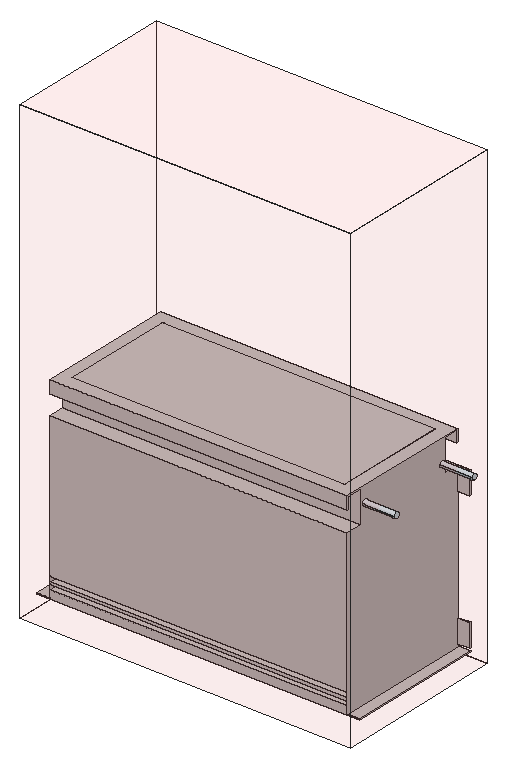
Revit family "Air-Curtain_Vestibule-Except_PoweredAire_ETA-HWST", category Mechanical Equipment, host Face, Revit 2018
Family settings
  Host = Face
  Round Connector Dimension = Use Diameter
  Part Type = Normal
  OmniClass Number = 23.75.35.17.21
  OmniClass Title = Air Curtains
  Cut with Voids When Loaded = No
  Shared = No
  Room Calculation Point = No
Parameters
  upperrotation [instance] = if(Upper Pipe Connection Side A, 0.00°, 180.00°)  # 0.00°
  lowerrotation [instance] = if(Lower Pipe Connection Side A, 0.00°, 180.00°)  # 0.00°
  locateupperpipe [instance] = if(Upper Pipe Connection Side A, 0' 0", Nozzle Width)  # 0' - 0"
  locatelowerpipe [instance] = if(Lower Pipe Connection Side A, 0' 0", Nozzle Width)  # 0' - 0"
  Warranty Duration (Years) = 0
  Upper Pipe Connection Side A [instance] = yes
  Unit Width Notes = "Other Widths available."  # constant formula
  Unit Width = 3' - 3"
  Unit Weight = 0
  Unit Height = 1' - 4 3/4"
  Unit Depth [instance] = if(Include Filters, 2' 1 7/8", 1' 11 3/4")  # 1' - 11 3/4"
  URL = "http://www.poweredaire.com/"
  Test Data = ""
  Standards Conformance = "as Specified"
  Specification = "http://www.arcat.com/sdspecs/htm04/23_34_33pai.htm"
  SpecWizard = ""
  Sound Pressure = "as Specified"
  Sales Information = "http://www.poweredaire.com/contact_us"
  Revision = "R1_2016-08"
  Projection from Host [instance] = 0' - 2"
  Product Properties = ""
  Product Data = "http://www.arcat.com/arcatcos/cos47/arc47623.html"
  Power Rating = 0 W
  Piping_Water Flow [instance] = 0 GPM
  Piping_Operating Pressure [instance] = 0.00 psi
  Piping_Exit Temperature [instance] = 0 °F
  Piping_Entry Temperature [instance] = 0 °F
  Pipe OD [instance] = 5/8"
  Nozzle Width = if(1 = 1, Unit Width - 0' 3", 0' 0")  # 3' - 0"
  Mounting Width = if(1 = 1, Unit Width - 0' 1 1/2", 0' 0")  # 3' - 1 1/2"
  Mounting Height [instance] = 3' - 6"
  Motor RPM = 0
  Motor HP = 0
  Motor Count = 0
  Model = "As Specified"
  Max Height = 0' - 0"
  Manufacturer Website = "http://www.poweredaire.com/"
  Manufacturer Phone - Toll Free = "888-321-2473"
  Manufacturer Phone = "724-588-3305"
  Manufacturer Fax = "724-588-3371"
  Manufacturer Address = "109 Mortensen Rd.  Greenville, PA 16125"
  Manufacturer = "Powered Aire, Inc"
  Maintenance Schedule (Months) = 0
  Lower Pipe Connection Side A [instance] = yes
  Keynote = "23 34 33"
  Installation-Fabrication = ""
  Installation Phase = ""
  Include Filters [instance] = no
  Include Clearance [instance] = yes
  Heating Element Load = 0 W
  HVAC_Temperature Rise = 0 °F
  HVAC_Outlet Volume = 0 CFM
  HVAC_Outlet Velocity Uniformity = 0
  HVAC_Outlet Velocity = 0 FPM
  HVAC_BTU Input = 0.0 Btu/h
  Green Building-LEED = "http://www.arcat.com/green/clients/leed_data_47623.html"
  Front Grating Material [instance] = Metal - Steel - PoweredAire - Stainless 304 Perforated
  Frame Finish [instance] = Metal - Steel - PoweredAire - Stainless 304
  Expected Lifespan (Years) = 0
  Electrical_Wattage [instance] = Power Rating + Heating Element Load  # 0 W
  Electrical_Voltage [instance] = 0 V
  Electrical_Phase [instance] = 1
  Electrical_Frequency [instance] = 0 Hz
  Electrical_Amperage [instance] = 0 A
  Drawn By = "Sumex Design, Inc. / Robert S. Weygant, CSI, CDT, SCIP"
  Description = "Powered Aire Air Curtain as Specified"
  Default Elevation = 0' - 0"  # constant formula
  Copyright = "©Arcat Inc."
  Construction Details = "http://www.arcat.com/details/powair/prod3336.html"
  Clearance_Top [instance] = 0' - 2"
  Clearance_Side B [instance] = 0' - 0 1/2"
  Clearance_Side A [instance] = 0' - 0 1/2"
  Clearance_Intake [instance] = 2' - 6"
  Clearance_Bottom [instance] = 0' - 2"
  Clearance Material [instance] = ARCAT Clearance
  Building Codes = ""
  Available Options [instance] = "as Specified"
  Assembly Code = "D3090400"
Reference planes (in)
  plane 1 "Center (Elevation)": y = 0.13818
  plane 2: z = 0
  plane 3 "Center (Left/Right)": x = 0
  plane 4: y = 8.51318
  plane 5: y = -8.23682
  plane 6: x = -19.5
  plane 7: x = 19.5
  plane 8: z = 25.75
  plane 9 "FF": y = -41.86182
  plane 10: z = 2
  plane 11: x = 18
  plane 12: x = -18
  plane 13: y = 10.51318
  plane 14: y = -10.23682
  plane 15: x = -20
  plane 16: x = 20
  plane 17: z = 55.75
  plane 18: x = 17.9375
  plane 19: x = -17.9375
  plane 20: x = 18
  plane 21: x = 18
  plane 22: y = 6.01318
  plane 23: y = -5.73682
Forms (in)
  Extrusion 1, solid, material "Metal - Steel - PoweredAire - Stainless 304" <- "Frame Finish"
    sketch origin (0, 0, 0) x (0, 1, 0) y (0, 0, 1)
      loop
        line (-8.23682, 2) -> (8.51318, 2) -> (8.51318, 21.8125) -> (6.51318, 21.8125) -> (6.51318, 25.625) -> (8.38818, 25.625) -> (8.38818, 24.25) -> (8.51318, 24.25) -> (8.51318, 25.75) -> (-8.23682, 25.75) -> (-8.23682, 24.25) -> (-8.11182, 24.25) -> (-8.11182, 25.625) -> (-6.23682, 25.625) -> (-6.23682, 21.8125) -> (-8.23682, 21.8125) -> (-8.23682, 2)
    from -18 to 18
  Extrusion 2, solid, material "ARCAT Clearance" <- "Clearance Material", visible <- "Include Clearance"
    sketch origin (0, 0, 0) x (0, 1, 0) y (0, 0, 1)
      loop
        line (-10.23682, 55.75) -> (-10.23682, 0) -> (10.51318, 0) -> (10.51318, 55.75) -> (-10.23682, 55.75)
    from -20 to 20
  Extrusion 3, solid, material "Metal - Steel - PoweredAire - Stainless 304" <- "Frame Finish"
    sketch origin (-15.17702, -180, 2) x (-1, 0, 0) y (0, -1, 0)
      loop
        line (-33.17702, -188.51318) -> (-33.17702, -171.76318) -> (-34.67702, -171.76318) -> (-34.67702, -188.51318) -> (-33.17702, -188.51318)
      loop
        line (2.82298, -188.51318) -> (4.32298, -188.51318) -> (4.32298, -171.76318) -> (2.82298, -171.76318) -> (2.82298, -188.51318)
    from 0 to 0.125
  Extrusion 4, solid, material "Metal - Steel - PoweredAire - Stainless 304" <- "Frame Finish"
    sketch origin (-11.83813, 8.51318, 48) x (-1, 0, 0) y (0, 0, 1)
      loop
        line (-29.83813, -45.5) -> (-29.83813, -42.75) -> (-31.33813, -42.75) -> (-31.33813, -45.5) -> (-29.83813, -45.5)
      loop
        line (-29.83813, -28.9375) -> (-29.83813, -26.1875) -> (-31.33813, -26.1875) -> (-31.33813, -28.9375) -> (-29.83813, -28.9375)
      loop
        line (6.16187, -45.5) -> (7.66187, -45.5) -> (7.66187, -42.75) -> (6.16187, -42.75) -> (6.16187, -45.5)
      loop
        line (6.16187, -28.9375) -> (7.66187, -28.9375) -> (7.66187, -26.1875) -> (6.16187, -26.1875) -> (6.16187, -28.9375)
    from 0 to -0.125
  Extrusion 5, void
    sketch origin (0, 0, 0) x (0, 1, 0) y (0, 0, 1)
      loop
        line (-8.23682, 3) -> (-7.23682, 3) -> (-7.23682, 4.5) -> (-8.23682, 4.5) -> (-8.23682, 3.82425) -> (-7.38364, 3.82425) -> (-7.38364, 3.57425) -> (-8.23682, 3.57425) -> (-8.23682, 3)
    from -17.9375 to 17.9375
  Extrusion 6, solid, material "Metal - Steel - PoweredAire - Stainless 304 Perforated" <- "Front Grating Material"
    sketch origin (0, -8.23682, 25.75) x (0, 1, 0) y (-1, 0, 0)
      loop
        line (15.25, 16.5) -> (1.5, 16.5) -> (1.5, -16.5) -> (15.25, -16.5) -> (15.25, 16.5)
    from 0 to 0.03125
  Sweep 7, solid
    path origin (18, 6.01318, 0) x (1, 0, 0) y (0, 1, 0)
      loop
        line (0, 0) -> (4, 0)
    profile origin (20, 6.01318, 0) x (0, 1, 0) y (0, 0, 1)
      loop
        circle (0, 23) r 0.3125
  Sweep 8, solid
    path origin (18, -5.73682, 0) x (1, 0, 0) y (0, 1, 0)
      loop
        line (0, 0) -> (4, 0)
    profile origin (20, -5.73682, 0) x (0, 1, 0) y (0, 0, 1)
      loop
        circle (0, 24) r 0.3125
Cuts and joins
  Extrusion 5 cuts Extrusion 1
Lines and regions (in)
  reference lines
    curve 1: line (18, 6.01318, 0) -> (22.75, 6.01318, 0)
    curve 2: line (18, -5.73682, 0) -> (23.75, -5.73682, 0)
Dimensions and locks (in)
  equal spacing: plane 4, plane 1 "Center (Elevation)", plane 5
  "Unit Height": plane 4 to plane 5
  equal spacing: plane 6, plane 3 "Center (Left/Right)", plane 7
  "Unit Width": plane 6 to plane 7
  "Mounting Height": plane 1 "Center (Elevation)" to plane 9 "FF"
  "Projection from Host": plane 10 to level
  "Unit Depth": plane 8 to plane 10
  locked: plane 6 to plane 12 at 1.5
  locked: plane 11 to plane 7 at 1.5
  "Clearance_Side A": plane 7 to plane 16
  "Clearance_Side B": plane 15 to plane 6
  "Clearance_Top": plane 13 to plane 4
  "Clearance_Bottom": plane 5 to plane 14
  "Clearance_Intake": plane 17 to plane 8
  plane 5 to Extrusion 1 sketch curve to Extrusion 1 sketch curve = 0' - 0 1/8" locked, 0' - 1 7/8" locked
  Extrusion 1 sketch curve to Extrusion 1 sketch curve to plane 4 = 0' - 1 7/8" locked, 0' - 0 1/8" locked
  Extrusion 4 sketch curve to Extrusion 4 sketch curve to Extrusion 4 sketch curve to Extrusion 4 sketch curve to plane 10 = 0' - 2 3/4" locked, 1' - 1 13/16" locked, 0' - 2 3/4" locked, 0' - 0 1/2" locked
  Extrusion 4 sketch curve to Extrusion 4 sketch curve to Extrusion 4 sketch curve to Extrusion 4 sketch curve = 0' - 2 3/4" locked, 1' - 1 13/16" locked, 0' - 2 3/4" locked
  locked: Extrusion 4 sketch curve to plane 10 at 0.5
  plane 8 to Extrusion 1 sketch curve to Extrusion 1 sketch curve = 0' - 0 1/8" locked, 0' - 1 3/8" locked  (x2)
  locked: Extrusion 1 sketch curve to plane 10 at 19.8125  (x2)
  Extrusion 5 sketch curve to Extrusion 5 sketch curve to Extrusion 5 sketch curve to Extrusion 5 sketch curve to plane 10 = 0' - 0.67575" locked, 0' - 0 1/4" locked, 0' - 0.57425" locked, 0' - 1" locked
  plane 5 to Extrusion 5 sketch curve to Extrusion 5 sketch curve = 0' - 0.85319" locked, 0' - 0.14681" locked
  locked: plane 19 to plane 12 at 0.0625
  locked: plane 11 to plane 18 at 0.0625
  locked: plane 4 to Extrusion 6 sketch curve at 1.5
  locked: Extrusion 6 sketch curve to plane 5 at 1.5
  locked: Extrusion 6 sketch curve to plane 11 at 1.5
  locked: plane 12 to Extrusion 6 sketch curve at 1.5
  "locateupperpipe": plane 20 to plane 11
  "locatelowerpipe": plane 21 to plane 11
  locked: plane 4 to plane 22 at 2.5
  locked: plane 23 to plane 5 at 2.5
  locked: curve 1 to Sweep 7 sketch curve at 4
  locked: curve 1 to Sweep 7 sketch curve
  locked: Sweep 7 sketch curve to plane 10 at 21
  locked: curve 2 to Sweep 8 sketch curve at 4
  locked: curve 2 to Sweep 8 sketch curve
  locked: Sweep 8 sketch curve to plane 10 at 22
  "upperrotation": angle plane 22 to curve 1
  "lowerrotation": angle plane 23 to curve 2
  aligned and locked: plane 2 to host face
  aligned and locked: level to host face
  aligned and locked: Extrusion 2 sketch curve to plane 17
  aligned and locked: plane 14 to Extrusion 2 sketch curve
  aligned and locked: level to Extrusion 2 sketch curve
  aligned and locked: Extrusion 2 sketch curve to plane 13
  aligned and locked: plane 16 to Extrusion 2
  aligned and locked: Extrusion 2 to plane 15
  aligned and locked: plane 11 to Extrusion 1
  aligned and locked: Extrusion 1 to plane 12
  aligned and locked: plane 21 to curve 2
  aligned and locked: plane 23 to curve 2
  aligned and locked: plane 22 to curve 1
  aligned and locked: plane 20 to curve 1
Automatic sketch dimensions
  host sketch curve to host sketch curve = 8' - 0"  (x2)
  Extrusion 1 sketch curve to plane 5 = 0' - 0"  (x2)
  Extrusion 1 sketch curve to plane 4 = 0' - 0"  (x2)
  Extrusion 1 sketch curve to plane 10 = 0' - 0"
  Extrusion 1 sketch curve to plane 8 = 0' - 0"
  plane 4 to Extrusion 3 sketch curve = 0' - 0"
  Extrusion 3 sketch curve to plane 7 = 0' - 0"
  plane 5 to Extrusion 3 sketch curve = 0' - 0"
  Extrusion 3 sketch curve to plane 11 = 0' - 0"
  Extrusion 3 sketch curve to plane 4 = 0' - 0"
  Extrusion 3 sketch curve to plane 12 = 0' - 0"
  Extrusion 3 sketch curve to plane 6 = 0' - 0"
  Extrusion 3 sketch curve to plane 5 = 0' - 0"
  Extrusion 4 sketch curve to plane 7 = 0' - 0"  (x2)
  Extrusion 4 sketch curve to plane 11 = 0' - 0"  (x2)
  Extrusion 4 sketch curve to plane 12 = 0' - 0"  (x2)
  Extrusion 4 sketch curve to plane 6 = 0' - 0"  (x2)
  Extrusion 5 sketch curve to plane 5 = 0' - 0"  (x2)
  Sweep 7 sketch curve to profile plane = 0' - 0"
  Sweep 8 sketch curve to profile plane = 0' - 0"
  radius of Sweep 7 sketch curve = 0' - 0 5/16"
  radius of Sweep 8 sketch curve = 0' - 0 5/16"
Connectors (in)
  piping at (22, 6.01318, 23), diameter 0.625, driven by "Pipe OD", driven by "Piping_Water Flow"
    settings: on Sweep 7, index 1, connector inside diameter 24", connector length 0' - 0", flow factor 0, pipe flow 0 GPM, pressure drop 0.00 psi, fitting loss kfactor 0, connector angle 0.00°, fixture units 0, engagement length 0' - 0", angle of deflection 0.00°, flow configuration 0, flow direction 0, fitting loss method 0, system type 29, joint type 0, gender type 0, connector reference index -1, connector utility 0, adjustable connector no, is connector primary yes, connector description "Define Supply or Return and Location"
  piping at (22, -5.73682, 24), diameter 0.625, driven by "Pipe OD", driven by "Piping_Water Flow"
    settings: on Sweep 8, index 2, connector inside diameter 24", connector length 0' - 0", flow factor 0, pipe flow 0 GPM, pressure drop 0.00 psi, fitting loss kfactor 0, connector angle 0.00°, fixture units 0, engagement length 0' - 0", angle of deflection 0.00°, flow configuration 0, flow direction 0, fitting loss method 0, system type 29, joint type 0, gender type 0, connector reference index -1, connector utility 0, adjustable connector no, is connector primary no, connector description "Define Supply or Return and Location"
  electrical at (-18, 0.13818, 21.39062), driven by "Electrical_Voltage", driven by "Electrical_Phase"
    settings: on cut or joined group of Extrusion 1, Extrusion 5, index 3, voltage 0 V, apparent load 0 VA, apparent load phase1 0 VA, apparent load phase2 0 VA, apparent load phase3 0 VA, power factor 1, load classification "Motor", number of poles 1, system type 31, power factor state 1, is connector primary yes, connector utility no, sub classification motor no, connector description ""
